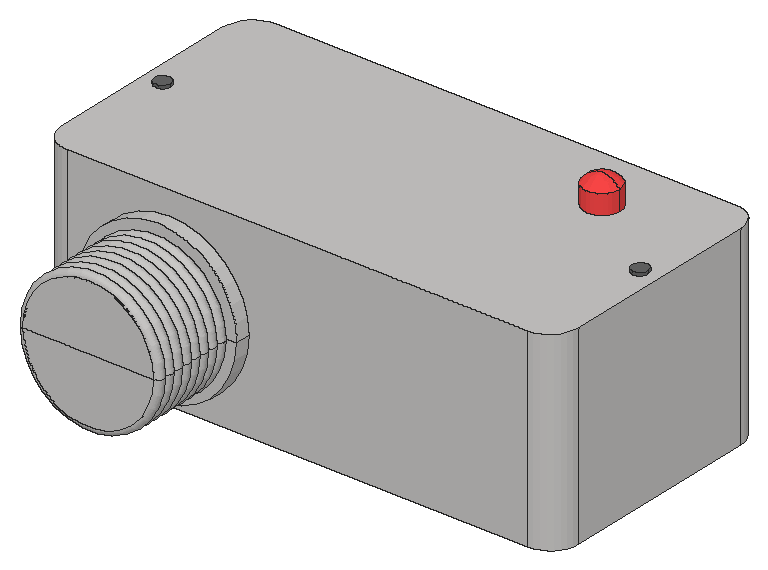
Revit family "1604A_Enclosed10AMP", category Communication Devices, host Face, Revit 2021
Family settings
  Host = Face
  Maintain Annotation Orientation = No
  Round Connector Dimension = Use Diameter
  Part Type = Normal
  OmniClass Number = 23.85.80.11.27
  OmniClass Title = Lighting Controls
  Cut with Voids When Loaded = No
  Shared = Yes
  Room Calculation Point = No
Parameters
  Warranty = "5-Years Warranty"  # constant formula
  W = 2.0"
  Type Comments = "Enclosed 10 Amp SPDT Relays"  # constant formula
  Product Page URL = ""
  Product Documentation Link = ""
  URL = "https://www.currentlighting.com/nxlightingcontrols"
  Model = "MP347A Power Pack"  # constant formula
  Manufacturer = " NX Lighting Controls"  # constant formula
  LED = Paint -  Red
  L = 1.0"
  Washer = Paint -  Carbon Black
  Features = "10 Amp SPDT Relay\r\nAvailable with either 10-30 VAC/DC/120 VAC Coil or 10-30 VAC/DC/208-277 VAC Coil\r\nLED status indicator\r\nN.O. and N.C. isolated contacts\r\nUL and cUL listed\r\nOne-year warranty"  # constant formula
  Description = "nxlightingcontrols RR1SPDTC relays provide an isolated N.O. / N.C. contact that can be used to integrate low voltage sensors to other building automation systems. The coil contained in these relays work off a variety of voltages from low voltage to high voltage. An externally visible LED indicates the status of the coil of the relay."  # constant formula
  Default Elevation = 48.0"
  Copyright = "Copyright ©  NX Lighting Controls"  # constant formula
  Contact Us = ""
  Housing Material = Metal-Galvanized_Steel
  Certification = "UL and cUL Listed"  # constant formula
  Assembly Code = "D5090"
Reference planes (in)
  plane 1 "Center (Front/Back)": y = 13.01342
  plane 2: z = 0
  plane 3 "Center (Left/Right)": x = 0
  plane 4: x = 1
  plane 5: x = -1
  plane 6: y = 12.51342
  plane 7: y = 13.51342
Forms (in)
  Extrusion 1, solid, material "Metal-Galvanized_Steel" <- "Housing Material"
    sketch origin (0, 0, 0) x (1, 0, 0) y (0, 1, 0)
      loop
        line (-0.89229, 12.51342) -> (0.89151, 12.51342)
        arc (0.89151, 12.51342) -> (0.96822, 12.5452) -> (1, 12.62191) r 0.10849
        line (1, 12.62191) -> (1, 13.40738)
        arc (1, 13.40738) -> (0.96894, 13.48236) -> (0.89396, 13.51342) r 0.10604
        line (0.89396, 13.51342) -> (-0.88718, 13.51342)
        arc (-0.88718, 13.51342) -> (-0.96696, 13.48038) -> (-1, 13.4006) r 0.11282
        line (-1, 13.4006) -> (-1, 12.62113)
        arc (-1, 12.62113) -> (-0.96845, 12.54497) -> (-0.89229, 12.51342) r 0.10771
    from 0 to 0.75
  Revolve 2, solid, material "Metal-Galvanized_Steel" <- "Housing Material"
    sketch origin (0, 0, 0.35206) x (1, 0, 0) y (0, 1, 0)
      loop
        line (-0.5, 12.51342) -> (-0.5, 12.12275) -> (-0.24608, 12.12275)
        arc (-0.24608, 12.12275) -> (-0.22522, 12.14361) -> (-0.24608, 12.16447) r 0.02086
        arc (-0.24608, 12.16447) -> (-0.22522, 12.18533) -> (-0.24608, 12.20619) r 0.02086
        arc (-0.24608, 12.20619) -> (-0.22522, 12.22705) -> (-0.24608, 12.24791) r 0.02086
        arc (-0.24608, 12.24791) -> (-0.22522, 12.26877) -> (-0.24608, 12.28963) r 0.02086
        arc (-0.24608, 12.28963) -> (-0.22522, 12.31049) -> (-0.24608, 12.33135) r 0.02086
        arc (-0.24608, 12.33135) -> (-0.22522, 12.35221) -> (-0.24608, 12.37307) r 0.02086
        arc (-0.24608, 12.37307) -> (-0.22522, 12.39393) -> (-0.24608, 12.41479) r 0.02086
        arc (-0.24608, 12.41479) -> (-0.22522, 12.43565) -> (-0.24608, 12.45651) r 0.02086
        line (-0.24608, 12.45651) -> (-0.19158, 12.45651) -> (-0.19158, 12.51342) -> (-0.5, 12.51342)
      axis (-0.5, 12.51342) -> (-0.5, 12.12275)
    angle from 0 to 360
  Revolve 3, solid, material "Paint -  Red" <- "LED"
    sketch origin (0, 13.26342, 0) x (1, 0, 0) y (0, 0, 1)
      loop
        line (0.5763, 0.72564) -> (0.64609, 0.72564) -> (0.64609, 0.82426)
        arc (0.64609, 0.82426) -> (0.61452, 0.84857) -> (0.5763, 0.85984) r 0.10844
        line (0.5763, 0.85984) -> (0.5763, 0.72564)
      axis (0.5763, 0.85984) -> (0.5763, 0.72564)
    angle from 0 to 360
  Extrusion 4, solid, material "Paint -  Carbon Black" <- "Washer"
    sketch origin (0, 0, 0) x (1, 0, 0) y (0, 1, 0)
      loop
        circle (0.92533, 13.01342) r 0.031
      loop
        circle (-0.92533, 13.01342) r 0.031
    from 0.75 to 0.76
Cuts and joins
  joined: Extrusion 1, Revolve 2
Dimensions and locks (in)
  "L": plane 6 to plane 7
  "W": plane 5 to plane 4
  equal spacing: plane 6, plane 1 "Center (Front/Back)", plane 7
  equal spacing: plane 5, plane 3 "Center (Left/Right)", plane 4
  aligned and locked: plane 2 to host face
  aligned and locked: level to host face
Automatic sketch dimensions
  host sketch curve to host sketch curve = 96.0"  (x2)
  Extrusion 1 sketch curve to plane 5 = 0.0"
  plane 6 to Extrusion 1 sketch curve = 0.0"
  plane 7 to Extrusion 1 sketch curve = 0.0"
  Extrusion 1 sketch curve to plane 4 = 0.0"
  plane 5 to Extrusion 1 sketch curve = 0.10771"
  plane 5 to Extrusion 1 sketch curve = 0.11282"
  Extrusion 1 sketch curve to plane 4 = 0.10849"
  Extrusion 1 sketch curve to plane 4 = 0.10604"
  plane 6 to Revolve 2 sketch curve = 0.0"  (x2)
  Revolve 2 sketch curve to plane 3 "Center (Left/Right)" = 0.5"  (x2)
  plane 6 to Revolve 2 sketch curve = 0.0569"
  Revolve 2 sketch curve to plane 3 "Center (Left/Right)" = 0.24608"
  Revolve 2 sketch curve to Revolve 2 sketch curve = 0.0"  (x13)
  Revolve 2 sketch curve to Revolve 2 sketch curve = 0.05449"
  Revolve 2 sketch curve to Revolve 2 sketch curve = 0.02086"  (x3)
  Revolve 2 sketch curve to Revolve 2 sketch curve = 0.04172"  (x6)
  Revolve 2 sketch curve to Revolve 2 sketch curve = 0.85933"
  Revolve 3 sketch curve to plane 4 = 0.43473"
  Revolve 3 sketch curve to Revolve 3 sketch curve = 0.01103"
  Revolve 3 sketch curve to Revolve 3 sketch curve = 0.06979"
  level to Revolve 3 sketch curve = 0.72564"
  Revolve 3 sketch curve to Revolve 3 sketch curve = 0.02632"
  Revolve 3 sketch curve to Revolve 3 sketch curve = 0.09862"
  Revolve 3 sketch curve to Revolve 3 sketch curve = 0.0"
  Revolve 3 sketch curve to Revolve 3 sketch curve = 0.2408"
  Revolve 3 sketch curve to Revolve 3 sketch curve = 0.375"
  plane 1 "Center (Front/Back)" to Extrusion 4 sketch curve = 0.0"  (x2)
  plane 5 to Extrusion 4 sketch curve = 0.07467"
  Extrusion 4 sketch curve to plane 4 = 0.07467"
  radius of Extrusion 4 sketch curve = 0.031"  (x2)
Connectors (in)
  electrical at (0.00075, 13.01309, 0.75)
    settings: on cut or joined group of Extrusion 1, Revolve 2, index 1, voltage 0 V, apparent load 0 VA, apparent load phase1 0 VA, apparent load phase2 0 VA, apparent load phase3 0 VA, power factor 1, load classification "Other", number of poles 1, system type 13, power factor state 1, is connector primary yes, connector utility no, sub classification motor no, connector description "SPDT Relays"
